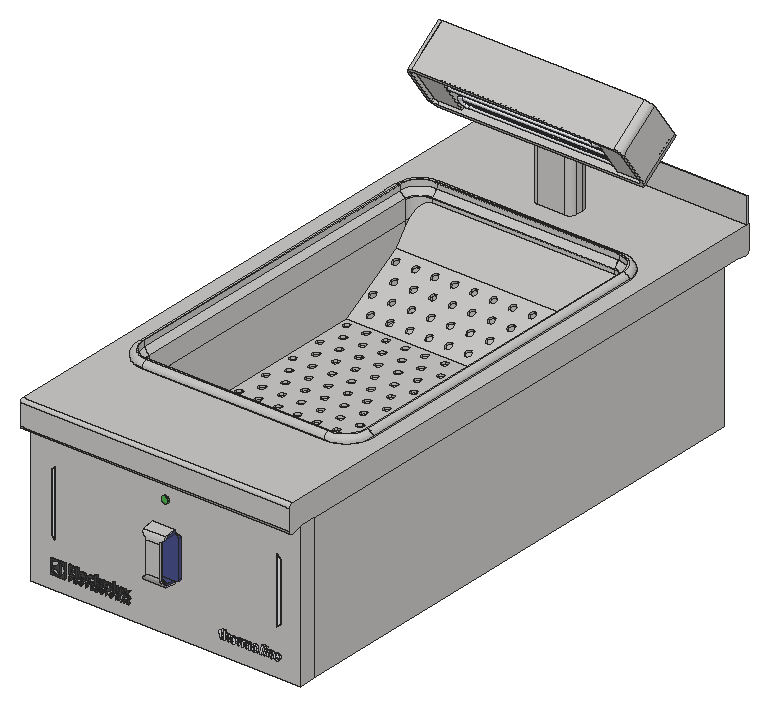
Revit family "QF_ELECTROLUXPROFESSIONAL_588556_MBYABBDOBO", category Attrezzature speciali, Revit 2020
Family settings
  Quota connettore circolare = Usa diametro
  Tipo di parte = Normale
  Basato su piano di lavoro = No
  Sempre verticale = Sì
  Taglio con vuoti quando caricato = No
  Condiviso = No
  Punto di calcolo locali = No
Parameters (values of type "Standard")
  Weight = 15.00 kg
  Watts = 1000 W
  Volts = 230 V
  URL Manufacturer = "https://www.electroluxprofessional.com/"
  URL = "https://www.electroluxprofessional.com/"
  Steam Supply Size = 0"
  Steam Supply Minimum Pressure = 0.00 psi
  Steam Supply Maximum Pressure = 0.00 psi
  Steam Consumption per Hour = 0
  Refrigeration Suction Line Size = 0 mm
  Refrigeration Liquid Line Size = 0 mm
  Refrigerant Compressor Remote = yes
  Prospetto di default = 0 mm
  Phase = 1
  Modello = "MBYABBDOBO"
  Produttore = "Electrolux Professional"
  Length Actual = 400 mm  # constant formula
  Item Number = "588556"
  Hot Water Size = 0"
  Height Actual = 250 mm  # constant formula
  HP = "1.3 HP"
  Gas Size = 0"
  Gas KW = 0
  Gas Input Pressure = 0.0 Btu/h
  Direct Waste Size = 0"
  Descrizione = "EL.CHIP SCUTTLE,1/1GN,1S,BS,400X850X250H"
  Depth Actual = 850 mm  # constant formula
  Cycle = 50 Hz
  Condensate Return Size = 0"
  Compressed Air Volume = 0 GPM
  Compressed Air Size = 0"
  Compressed Air Pressure = 0.00 psi
  Cold Water Size = 0"
  Accessory = yes
Reference planes
  plane 1 "BACK": y = 0
  plane 2: z = 0
  plane 3 "LEFT": x = 0
  plane 4 "RIGHT": x = 400
  plane 5 "FRONT": y = -850
  plane 6 "TOP": z = 900
  plane 7 "Center (Left/Right)": x = 200
  plane 8: y = -425
  plane 9: y = -150
  plane 10: y = -65
  plane 11: y = -790
  plane 12 "EIY": y = -635
  plane 13: z = 938
  plane 14 "BaseTop": z = 650
  plane 15: y = -805
  plane 16 "Camino": y = -50
  plane 17 "EIx": x = 355
  plane 18: z = 1104
  plane 19 "Fondo": z = 780.982
  plane 20 "Angle1": through (-6096, -207.82, 834.055) normal (0, -0.5, 0.866)
  plane 21 "Serpentine": through (0, -80.719, 1034.372) normal (0, -0.8192, -0.5736)
  plane 22 "Serpentine90": through (-6096, -138.06, 994.222) normal (0, 0.5736, -0.8192)
Forms (mm)
  Extrusion 1, solid, material "QF_Finishes_Stainless Steel"
    sketch origin (-178.969, -4572, 100) x (-1, 0, 0) y (0, -1, 0)
      loop
        line (-178.969, -4527) -> (-178.969, -3767) -> (-578.969, -3767) -> (-578.969, -4527) -> (-178.969, -4527)
    from 550 to 762.969
  Extrusion 2, solid, material "QF_Finishes_Stainless Steel"
    sketch origin (200, 296.4, 1219.2) x (0, 1, 0) y (0, 0, 1)
      loop
        line (-296.4, -319.2) -> (-1141.4, -319.2)
        arc (-1141.4, -319.2) -> (-1144.935, -320.664) -> (-1146.4, -324.2) r 5
        line (-1146.4, -324.2) -> (-1146.4, -355.2)
        arc (-1146.4, -355.2) -> (-1144.971, -358.264) -> (-1141.705, -359.139) r 4
        line (-1141.705, -359.139) -> (-1126.4, -356.231) -> (-316.4, -356.231) -> (-301.094, -359.139)
        arc (-301.094, -359.139) -> (-297.829, -358.264) -> (-296.4, -355.2) r 4
        line (-296.4, -355.2) -> (-296.4, -319.2)
    from -200 to 200
  Extrusion 3, void
    sketch origin (0, 0, 900) x (-1, 0, 0) y (0, -1, 0)
      loop
        line (-42.957, 190) -> (-42.957, 665)
        arc (-42.957, 665) -> (-49.413, 680.587) -> (-65, 687.043) r 22.043
        line (-65, 687.043) -> (-335, 687.043)
        arc (-335, 687.043) -> (-350.587, 680.587) -> (-357.043, 665) r 22.043
        line (-357.043, 665) -> (-357.043, 190)
        arc (-357.043, 190) -> (-350.587, 174.413) -> (-335, 167.957) r 22.043
        line (-335, 167.957) -> (-65, 167.957)
        arc (-65, 167.957) -> (-49.413, 174.413) -> (-42.957, 190) r 22.043
    from -8.746 to -162.454
  Extrusion 4, solid, material "QF_Finishes_Stainless Steel"
    sketch origin (200, 296.4, 1219.2) x (0, 1, 0) y (0, 0, 1)
      loop
        line (-296.4, -319.2) -> (-296.4, -281.2) -> (-298.4, -281.2) -> (-298.4, -319.2) -> (-296.4, -319.2)
    from 200 to -200
  Extrusion 5, solid, material "QF_Finishes_Stainless Steel"
    sketch origin (0, 0, 650) x (-1, 0, 0) y (0, -1, 0)
      loop
        circle (-355, 635) r 10.1
    from 0 to -10
  Sweep 6, solid, material "QF_Finishes_Stainless Steel"
    path origin (0, 0, 900) x (-1, 0, 0) y (0, -1, 0)
      loop
        line (-25, 190) -> (-25, 665)
        arc (-25, 665) -> (-36.716, 693.284) -> (-65, 705) r 40
        line (-65, 705) -> (-335, 705)
        arc (-335, 705) -> (-363.284, 693.284) -> (-375, 665) r 40
        line (-375, 665) -> (-375, 190)
        arc (-375, 190) -> (-363.284, 161.716) -> (-335, 150) r 40
        line (-335, 150) -> (-65, 150)
        arc (-65, 150) -> (-36.716, 161.716) -> (-25, 190) r 40
    profile origin (25, -427.5, 900) x (1, 0, 0) y (0, 0, 1)
      loop
        line (0, 0) -> (0, -8.282) -> (18.004, -8.282) -> (9.723, 0) -> (9.723, 8) -> (8, 8)
        arc (8, 8) -> (2.343, 5.657) -> (0, 0) r 8
  Extrusion 7, void
    sketch origin (0, 0, 900) x (-1, 0, 0) y (0, -1, 0)
      loop
        arc (-65, 167.957) -> (-49.413, 174.413) -> (-42.957, 190) r 22.043
        line (-42.957, 190) -> (-42.957, 665)
        arc (-42.957, 665) -> (-49.413, 680.587) -> (-65, 687.043) r 22.043
        line (-65, 687.043) -> (-335, 687.043)
        arc (-335, 687.043) -> (-350.587, 680.587) -> (-357.043, 665) r 22.043
        line (-357.043, 665) -> (-357.043, 190)
        arc (-357.043, 190) -> (-350.587, 174.413) -> (-335, 167.957) r 22.043
        line (-335, 167.957) -> (-65, 167.957)
    from 38.156 to -162.454
  Extrusion 8, void
    sketch origin (0, 0, 900) x (-1, 0, 0) y (0, -1, 0)
      loop
        arc (-65, 158) -> (-42.373, 167.373) -> (-33, 190) r 32
        line (-33, 190) -> (-33, 665)
        arc (-33, 665) -> (-42.373, 687.627) -> (-65, 697) r 32
        line (-65, 697) -> (-335, 697)
        arc (-335, 697) -> (-357.627, 687.627) -> (-367, 665) r 32
        line (-367, 665) -> (-367, 190)
        arc (-367, 190) -> (-357.627, 167.373) -> (-335, 158) r 32
        line (-335, 158) -> (-65, 158)
    from 0 to -8.282
  Extrusion 9, solid, material "QF_Finishes_Stainless Steel"
    sketch origin (200, 296.4, 1219.2) x (0, 1, 0) y (0, 0, 1)
      loop
        line (-983.443, -327.482) -> (-983.443, -330.73) -> (-939.573, -386.881) -> (-847.191, -440.218) -> (-595.608, -440.218) -> (-502.883, -386.683) -> (-464.357, -337.371) -> (-464.357, -334.123) -> (-504.22, -385.145) -> (-596.144, -438.218) -> (-846.656, -438.218) -> (-938.236, -385.343) -> (-983.443, -327.482)
    from -157.043 to 157.043
  Extrusion 10, void
    sketch origin (0, 0, 780.982) x (-1, 0, 0) y (0, -1, 0)
      loop
        circle (-69.5, 338.15) r 5
      loop
        circle (-98.5, 338.15) r 5
      loop
        circle (-127.5, 338.15) r 5
      loop
        circle (-156.5, 338.15) r 5
      loop
        circle (-185.5, 338.15) r 5
      loop
        circle (-214.5, 338.15) r 5
      loop
        circle (-243.5, 338.15) r 5
      loop
        circle (-272.5, 338.15) r 5
      loop
        circle (-301.5, 338.15) r 5
      loop
        circle (-330.5, 338.15) r 5
      loop
        circle (-55, 313.15) r 5
      loop
        circle (-84, 313.15) r 5
      loop
        circle (-113, 313.15) r 5
      loop
        circle (-142, 313.15) r 5
      loop
        circle (-171, 313.15) r 5
      loop
        circle (-200, 313.15) r 5
      loop
        circle (-229, 313.15) r 5
      loop
        circle (-258, 313.15) r 5
      loop
        circle (-287, 313.15) r 5
      loop
        circle (-316, 313.15) r 5
      loop
        circle (-69.5, 388.15) r 5
      loop
        circle (-98.5, 388.15) r 5
      loop
        circle (-127.5, 388.15) r 5
      loop
        circle (-156.5, 388.15) r 5
      loop
        circle (-185.5, 388.15) r 5
      loop
        circle (-214.5, 388.15) r 5
      loop
        circle (-243.5, 388.15) r 5
      loop
        circle (-272.5, 388.15) r 5
      loop
        circle (-301.5, 388.15) r 5
      loop
        circle (-330.5, 388.15) r 5
      loop
        circle (-55, 363.15) r 5
      loop
        circle (-84, 363.15) r 5
      loop
        circle (-113, 363.15) r 5
      loop
        circle (-142, 363.15) r 5
      loop
        circle (-171, 363.15) r 5
      loop
        circle (-200, 363.15) r 5
      loop
        circle (-229, 363.15) r 5
      loop
        circle (-258, 363.15) r 5
      loop
        circle (-287, 363.15) r 5
      loop
        circle (-316, 363.15) r 5
      loop
        circle (-69.5, 438.15) r 5
      loop
        circle (-98.5, 438.15) r 5
      loop
        circle (-127.5, 438.15) r 5
      loop
        circle (-156.5, 438.15) r 5
      loop
        circle (-185.5, 438.15) r 5
      loop
        circle (-214.5, 438.15) r 5
      loop
        circle (-243.5, 438.15) r 5
      loop
        circle (-272.5, 438.15) r 5
      loop
        circle (-301.5, 438.15) r 5
      loop
        circle (-330.5, 438.15) r 5
      loop
        circle (-55, 413.15) r 5
      loop
        circle (-84, 413.15) r 5
      loop
        circle (-113, 413.15) r 5
      loop
        circle (-142, 413.15) r 5
      loop
        circle (-171, 413.15) r 5
      loop
        circle (-200, 413.15) r 5
      loop
        circle (-229, 413.15) r 5
      loop
        circle (-258, 413.15) r 5
      loop
        circle (-287, 413.15) r 5
      loop
        circle (-316, 413.15) r 5
      loop
        circle (-69.5, 488.15) r 5
      loop
        circle (-98.5, 488.15) r 5
      loop
        circle (-127.5, 488.15) r 5
      loop
        circle (-156.5, 488.15) r 5
      loop
        circle (-185.5, 488.15) r 5
      loop
        circle (-214.5, 488.15) r 5
      loop
        circle (-243.5, 488.15) r 5
      loop
        circle (-272.5, 488.15) r 5
      loop
        circle (-301.5, 488.15) r 5
      loop
        circle (-330.5, 488.15) r 5
      loop
        circle (-55, 463.15) r 5
      loop
        circle (-84, 463.15) r 5
      loop
        circle (-113, 463.15) r 5
      loop
        circle (-142, 463.15) r 5
      loop
        circle (-171, 463.15) r 5
      loop
        circle (-200, 463.15) r 5
      loop
        circle (-229, 463.15) r 5
      loop
        circle (-258, 463.15) r 5
      loop
        circle (-287, 463.15) r 5
      loop
        circle (-316, 463.15) r 5
      loop
        circle (-69.5, 538.15) r 5
      loop
        circle (-98.5, 538.15) r 5
      loop
        circle (-127.5, 538.15) r 5
      loop
        circle (-156.5, 538.15) r 5
      loop
        circle (-185.5, 538.15) r 5
      loop
        circle (-214.5, 538.15) r 5
      loop
        circle (-243.5, 538.15) r 5
      loop
        circle (-272.5, 538.15) r 5
      loop
        circle (-301.5, 538.15) r 5
      loop
        circle (-330.5, 538.15) r 5
      loop
        circle (-55, 513.15) r 5
      loop
        circle (-84, 513.15) r 5
      loop
        circle (-113, 513.15) r 5
      loop
        circle (-142, 513.15) r 5
      loop
        circle (-171, 513.15) r 5
      loop
        circle (-200, 513.15) r 5
      loop
        circle (-229, 513.15) r 5
      loop
        circle (-258, 513.15) r 5
      loop
        circle (-287, 513.15) r 5
      loop
        circle (-316, 513.15) r 5
      loop
        circle (-345, 313.15) r 5
      loop
        circle (-345, 363.15) r 5
      loop
        circle (-345, 413.15) r 5
      loop
        circle (-345, 463.15) r 5
      loop
        circle (-345, 513.15) r 5
    from 5 to -5
  Extrusion 11, void
    sketch origin (0, 49.13, 982.405) x (-1, 0, 0) y (0, -0.866025, -0.5)
      loop
        circle (-69.5, 338.15) r 5
      loop
        circle (-98.5, 338.15) r 5
      loop
        circle (-127.5, 338.15) r 5
      loop
        circle (-156.5, 338.15) r 5
      loop
        circle (-185.5, 338.15) r 5
      loop
        circle (-214.5, 338.15) r 5
      loop
        circle (-243.5, 338.15) r 5
      loop
        circle (-272.5, 338.15) r 5
      loop
        circle (-301.5, 338.15) r 5
      loop
        circle (-330.5, 338.15) r 5
      loop
        circle (-55, 313.15) r 5
      loop
        circle (-84, 313.15) r 5
      loop
        circle (-113, 313.15) r 5
      loop
        circle (-142, 313.15) r 5
      loop
        circle (-171, 313.15) r 5
      loop
        circle (-200, 313.15) r 5
      loop
        circle (-229, 313.15) r 5
      loop
        circle (-258, 313.15) r 5
      loop
        circle (-287, 313.15) r 5
      loop
        circle (-316, 313.15) r 5
      loop
        circle (-69.5, 388.15) r 5
      loop
        circle (-98.5, 388.15) r 5
      loop
        circle (-127.5, 388.15) r 5
      loop
        circle (-156.5, 388.15) r 5
      loop
        circle (-185.5, 388.15) r 5
      loop
        circle (-214.5, 388.15) r 5
      loop
        circle (-243.5, 388.15) r 5
      loop
        circle (-272.5, 388.15) r 5
      loop
        circle (-301.5, 388.15) r 5
      loop
        circle (-330.5, 388.15) r 5
      loop
        circle (-55, 363.15) r 5
      loop
        circle (-84, 363.15) r 5
      loop
        circle (-113, 363.15) r 5
      loop
        circle (-142, 363.15) r 5
      loop
        circle (-171, 363.15) r 5
      loop
        circle (-200, 363.15) r 5
      loop
        circle (-229, 363.15) r 5
      loop
        circle (-258, 363.15) r 5
      loop
        circle (-287, 363.15) r 5
      loop
        circle (-316, 363.15) r 5
      loop
        circle (-345, 363.15) r 5
      loop
        circle (-345, 313.15) r 5
    from 5 to -5
  Extrusion 12, void
    sketch origin (0, -899.13, 982.405) x (-1, 0, 0) y (0, -0.866025, 0.5)
      loop
        circle (-69.5, -338.15) r 5
      loop
        circle (-98.5, -338.15) r 5
      loop
        circle (-127.5, -338.15) r 5
      loop
        circle (-156.5, -338.15) r 5
      loop
        circle (-185.5, -338.15) r 5
      loop
        circle (-214.5, -338.15) r 5
      loop
        circle (-243.5, -338.15) r 5
      loop
        circle (-272.5, -338.15) r 5
      loop
        circle (-301.5, -338.15) r 5
      loop
        circle (-330.5, -338.15) r 5
      loop
        circle (-55, -313.15) r 5
      loop
        circle (-84, -313.15) r 5
      loop
        circle (-113, -313.15) r 5
      loop
        circle (-142, -313.15) r 5
      loop
        circle (-171, -313.15) r 5
      loop
        circle (-200, -313.15) r 5
      loop
        circle (-229, -313.15) r 5
      loop
        circle (-258, -313.15) r 5
      loop
        circle (-287, -313.15) r 5
      loop
        circle (-316, -313.15) r 5
      loop
        circle (-69.5, -388.15) r 5
      loop
        circle (-98.5, -388.15) r 5
      loop
        circle (-127.5, -388.15) r 5
      loop
        circle (-156.5, -388.15) r 5
      loop
        circle (-185.5, -388.15) r 5
      loop
        circle (-214.5, -388.15) r 5
      loop
        circle (-243.5, -388.15) r 5
      loop
        circle (-272.5, -388.15) r 5
      loop
        circle (-301.5, -388.15) r 5
      loop
        circle (-330.5, -388.15) r 5
      loop
        circle (-55, -363.15) r 5
      loop
        circle (-84, -363.15) r 5
      loop
        circle (-113, -363.15) r 5
      loop
        circle (-142, -363.15) r 5
      loop
        circle (-171, -363.15) r 5
      loop
        circle (-200, -363.15) r 5
      loop
        circle (-229, -363.15) r 5
      loop
        circle (-258, -363.15) r 5
      loop
        circle (-287, -363.15) r 5
      loop
        circle (-316, -363.15) r 5
      loop
        circle (-345, -313.15) r 5
      loop
        circle (-345, -363.15) r 5
    from 5 to -5
  Extrusion 13, solid, material "QF_Finishes_Stainless Steel"
    sketch origin (0, 0, 900) x (-1, 0, 0) y (0, -1, 0)
      loop
        line (-220, 84.995) -> (-180, 84.995)
        arc (-180, 84.995) -> (-172.929, 87.924) -> (-170, 94.995) r 10
        line (-170, 94.995) -> (-170, 104.995)
        arc (-170, 104.995) -> (-172.929, 112.066) -> (-180, 114.995) r 10
        line (-180, 114.995) -> (-220, 114.995)
        arc (-220, 114.995) -> (-227.071, 112.066) -> (-230, 104.995) r 10
        line (-230, 104.995) -> (-230, 94.995)
        arc (-230, 94.995) -> (-227.071, 87.924) -> (-220, 84.995) r 10
    from 0 to 131.811
  Extrusion 14, solid, material "QF_Finishes_Stainless Steel"
    sketch origin (79.679, 596.52, 67.175) x (0, 0.573576, -0.819152) y (1, 0, 0)
      loop
        line (-1255.73, -39.679) -> (-1190.73, -39.679)
        arc (-1190.73, -39.679) -> (-1183.659, -36.75) -> (-1180.73, -29.679) r 10
        line (-1180.73, -29.679) -> (-1180.73, 270.321)
        arc (-1180.73, 270.321) -> (-1183.659, 277.392) -> (-1190.73, 280.321) r 10
        line (-1190.73, 280.321) -> (-1255.73, 280.321)
        arc (-1255.73, 280.321) -> (-1262.801, 277.392) -> (-1265.73, 270.321) r 10
        line (-1265.73, 270.321) -> (-1265.73, -29.679)
        arc (-1265.73, -29.679) -> (-1262.801, -36.75) -> (-1255.73, -39.679) r 10
      loop
        line (-1255.73, -35.679) -> (-1190.73, -35.679)
        arc (-1190.73, -35.679) -> (-1186.487, -33.922) -> (-1184.73, -29.679) r 6
        line (-1184.73, -29.679) -> (-1184.73, 270.321)
        arc (-1184.73, 270.321) -> (-1186.487, 274.563) -> (-1190.73, 276.321) r 6
        line (-1190.73, 276.321) -> (-1255.73, 276.321)
        arc (-1255.73, 276.321) -> (-1259.972, 274.563) -> (-1261.73, 270.321) r 6
        line (-1261.73, 270.321) -> (-1261.73, -29.679)
        arc (-1261.73, -29.679) -> (-1259.972, -33.922) -> (-1255.73, -35.679) r 6
    from 0 to 70
  Extrusion 15, solid, material "QF_Finishes_Stainless Steel"
    sketch origin (79.679, 596.52, 67.175) x (0, 0.573576, -0.819152) y (1, 0, 0)
      loop
        line (-1255.73, -35.679) -> (-1190.73, -35.679)
        arc (-1190.73, -35.679) -> (-1186.487, -33.922) -> (-1184.73, -29.679) r 6
        line (-1184.73, -29.679) -> (-1184.73, 4.321) -> (-1261.73, 4.321) -> (-1261.73, -29.679)
        arc (-1261.73, -29.679) -> (-1259.972, -33.922) -> (-1255.73, -35.679) r 6
      loop
        arc (-1255.73, 276.321) -> (-1259.972, 274.563) -> (-1261.73, 270.321) r 6
        line (-1261.73, 270.321) -> (-1261.73, 236.321) -> (-1184.73, 236.321) -> (-1184.73, 270.321)
        arc (-1184.73, 270.321) -> (-1186.487, 274.563) -> (-1190.73, 276.321) r 6
        line (-1190.73, 276.321) -> (-1255.73, 276.321)
    from 5.22 to 65
  Extrusion 16, void
    sketch origin (200, 296.4, 1219.2) x (0, 1, 0) y (0, 0, 1)
      loop
        line (-412.731, -209.764) -> (-380.777, -187.389) -> (-412.731, -187.389) -> (-412.731, -209.764)
    from -44.52 to 38.617
  Extrusion 17, solid, material "QF_Finishes_Stainless Steel"
    sketch origin (79.679, 596.52, 67.175) x (0, 0.573576, -0.819152) y (1, 0, 0)
      loop
        line (-1255.73, -39.679) -> (-1190.73, -39.679)
        arc (-1190.73, -39.679) -> (-1183.659, -36.75) -> (-1180.73, -29.679) r 10
        line (-1180.73, -29.679) -> (-1180.73, 270.321)
        arc (-1180.73, 270.321) -> (-1183.659, 277.392) -> (-1190.73, 280.321) r 10
        line (-1190.73, 280.321) -> (-1255.73, 280.321)
        arc (-1255.73, 280.321) -> (-1262.801, 277.392) -> (-1265.73, 270.321) r 10
        line (-1265.73, 270.321) -> (-1265.73, -29.679)
        arc (-1265.73, -29.679) -> (-1262.801, -36.75) -> (-1255.73, -39.679) r 10
      loop
        line (-1255.73, -35.679) -> (-1190.73, -35.679)
        arc (-1190.73, -35.679) -> (-1186.487, -33.922) -> (-1184.73, -29.679) r 6
        line (-1184.73, -29.679) -> (-1184.73, 270.321)
        arc (-1184.73, 270.321) -> (-1186.487, 274.563) -> (-1190.73, 276.321) r 6
        line (-1190.73, 276.321) -> (-1255.73, 276.321)
        arc (-1255.73, 276.321) -> (-1259.972, 274.563) -> (-1261.73, 270.321) r 6
        line (-1261.73, 270.321) -> (-1261.73, -29.679)
        arc (-1261.73, -29.679) -> (-1259.972, -33.922) -> (-1255.73, -35.679) r 6
    from 0 to 70
  Extrusion 18, solid, material "QF_Finishes_Stainless Steel"
    sketch origin (79.679, 596.52, 67.175) x (0, 0.573576, -0.819152) y (1, 0, 0)
      loop
        line (-1255.73, -35.679) -> (-1190.73, -35.679)
        arc (-1190.73, -35.679) -> (-1186.487, -33.922) -> (-1184.73, -29.679) r 6
        line (-1184.73, -29.679) -> (-1184.73, 270.321)
        arc (-1184.73, 270.321) -> (-1186.487, 274.563) -> (-1190.73, 276.321) r 6
        line (-1190.73, 276.321) -> (-1255.73, 276.321)
        arc (-1255.73, 276.321) -> (-1259.972, 274.563) -> (-1261.73, 270.321) r 6
        line (-1261.73, 270.321) -> (-1261.73, -29.679)
        arc (-1261.73, -29.679) -> (-1259.972, -33.922) -> (-1255.73, -35.679) r 6
    from 0 to 5.22
  Extrusion 19, solid, material "QF_Finishes_Stainless Steel"
    sketch origin (79.679, 596.52, 67.175) x (0, 0.573576, -0.819152) y (1, 0, 0)
      loop
        line (-1255.73, -39.679) -> (-1190.73, -39.679)
        arc (-1190.73, -39.679) -> (-1183.659, -36.75) -> (-1180.73, -29.679) r 10
        line (-1180.73, -29.679) -> (-1180.73, 270.321)
        arc (-1180.73, 270.321) -> (-1183.659, 277.392) -> (-1190.73, 280.321) r 10
        line (-1190.73, 280.321) -> (-1255.73, 280.321)
        arc (-1255.73, 280.321) -> (-1262.801, 277.392) -> (-1265.73, 270.321) r 10
        line (-1265.73, 270.321) -> (-1265.73, -29.679)
        arc (-1265.73, -29.679) -> (-1262.801, -36.75) -> (-1255.73, -39.679) r 10
      loop
        line (-1255.73, -35.679) -> (-1190.73, -35.679)
        arc (-1190.73, -35.679) -> (-1186.487, -33.922) -> (-1184.73, -29.679) r 6
        line (-1184.73, -29.679) -> (-1184.73, 270.321)
        arc (-1184.73, 270.321) -> (-1186.487, 274.563) -> (-1190.73, 276.321) r 6
        line (-1190.73, 276.321) -> (-1255.73, 276.321)
        arc (-1255.73, 276.321) -> (-1259.972, 274.563) -> (-1261.73, 270.321) r 6
        line (-1261.73, 270.321) -> (-1261.73, -29.679)
        arc (-1261.73, -29.679) -> (-1259.972, -33.922) -> (-1255.73, -35.679) r 6
    from 0 to 70
  Sweep 20, solid, material "QF_Finishes_White"
    path origin (445.068, 796.804, -218.86) x (0, 0.573576, -0.819152) y (1, 0, 0)
      loop
        line (-1582.037, -361.068) -> (-1582.037, -146.068)
        arc (-1582.037, -146.068) -> (-1592.037, -136.068) -> (-1602.037, -146.068) r 10
        line (-1602.037, -146.068) -> (-1602.037, -361.068)
    profile origin (191.5, -110.616, 1077.069) x (0, -0.573576, 0.819152) y (0, -0.819152, -0.573576)
      loop
        circle (0, 61.931) r 2.5
  Sweep 21, solid, material "QF_Finishes_White"
    path origin (-45.068, 813.392, -246.825) x (0, 0.573576, -0.819152) y (1, 0, 0)
      loop
        line (-1579.459, 361.068) -> (-1579.459, 146.068)
        arc (-1579.459, 146.068) -> (-1589.459, 136.068) -> (-1599.459, 146.068) r 10
        line (-1599.459, 146.068) -> (-1599.459, 361.068)
    profile origin (208.5, -92.548, 1046.992) x (0, 0.573576, -0.819152) y (0, -0.819152, -0.573576)
      loop
        circle (0, 59.479) r 2.5
  Extrusion 22, solid, material "QF_Finishes_Stainless Steel"
    sketch origin (200, 296.4, 1222.347) x (0, 1, 0) y (0, 0, 1)
      loop
        line (-417.574, -130.198) -> (-412.986, -136.751) -> (-409.605, -129.501) -> (-417.574, -130.198)
      loop
        line (-406.103, -146.581) -> (-401.514, -153.134) -> (-398.133, -145.884) -> (-406.103, -146.581)
    from -38 to 38
  Extrusion 23, solid, material "QF_Finishes_Stainless Steel"
    sketch origin (200, 296.4, 1222.347) x (0, 1, 0) y (0, 0, 1)
      loop
        line (-417.574, -130.198) -> (-412.986, -136.751) -> (-409.605, -129.501) -> (-417.574, -130.198)
      loop
        line (-406.103, -146.581) -> (-401.514, -153.134) -> (-398.133, -145.884) -> (-406.103, -146.581)
    from 46 to 122
  Extrusion 24, solid, material "QF_Finishes_Stainless Steel"
    sketch origin (200, 296.4, 1222.347) x (0, 1, 0) y (0, 0, -1)
      loop
        line (-417.574, 130.198) -> (-409.605, 129.501) -> (-412.986, 136.751) -> (-417.574, 130.198)
      loop
        line (-406.103, 146.581) -> (-398.133, 145.884) -> (-401.514, 153.134) -> (-406.103, 146.581)
    from 46 to 122
Cuts and joins
  Extrusion 3, Extrusion 7, Extrusion 8 cuts Extrusion 2
  Extrusion 7 cuts Extrusion 1
  Extrusion 7 cuts Sweep 6
  Extrusion 10, Extrusion 11, Extrusion 12 cuts Extrusion 9
  Extrusion 16 cuts Extrusion 13
Lines and regions (mm)
  symbolic lines
    curve 1: line (0, 0, 100) -> (400, 0, 100)
    curve 2: line (0, -850, 100) -> (0, 0, 100)
    curve 3: line (400, -850, 100) -> (0, -850, 100)
    curve 4: line (400, 0, 100) -> (400, -850, 100)
    curve 5: line (0, -2, 0) -> (400, -2, 0)
    curve 6: line (350, -80.719, 0) -> (50, -80.719, 0)
    curve 7: spline (50, -80.719, 0) -> (48.695, -80.768, 0) -> (47.412, -80.914, 0) -> (46.173, -81.156, 0) -> (45, -81.487, 0) -> (43.912, -81.904, 0) -> (42.929, -82.399, 0) -> (42.066, -82.963, 0) -> (41.34, -83.587, 0) -> (40.761, -84.26, 0) -> (40.341, -84.97, 0) -> (40.086, -85.706, 0) -> (40, -86.455, 0)
    curve 8: line (40, -86.455, 0) -> (40, -181.078, 0)
    curve 9: spline (40, -123.737, 0) -> (40.086, -124.486, 0) -> (40.341, -125.222, 0) -> (40.761, -125.932, 0) -> (41.34, -126.605, 0) -> (42.066, -127.229, 0) -> (42.929, -127.793, 0) -> (43.912, -128.288, 0) -> (45, -128.705, 0) -> (46.173, -129.036, 0) -> (47.412, -129.278, 0) -> (48.695, -129.424, 0) -> (50, -129.473, 0)
    curve 10: line (50, -129.473, 0) -> (350, -129.473, 0)
    curve 11: spline (350, -129.473, 0) -> (351.305, -129.424, 0) -> (352.588, -129.278, 0) -> (353.827, -129.036, 0) -> (355, -128.705, 0) -> (356.088, -128.288, 0) -> (357.071, -127.793, 0) -> (357.934, -127.229, 0) -> (358.66, -126.605, 0) -> (359.239, -125.932, 0) -> (359.659, -125.222, 0) -> (359.914, -124.486, 0) -> (360, -123.737, 0)
    curve 12: line (360, -181.078, 0) -> (360, -123.737, 0)
    curve 13: spline (360, -86.455, 0) -> (359.914, -85.706, 0) -> (359.659, -84.97, 0) -> (359.239, -84.26, 0) -> (358.66, -83.587, 0) -> (357.934, -82.963, 0) -> (357.071, -82.399, 0) -> (356.088, -81.904, 0) -> (355, -81.487, 0) -> (353.827, -81.156, 0) -> (352.588, -80.914, 0) -> (351.305, -80.768, 0) -> (350, -80.719, 0)
    curve 14: line (78, -121.175, 0) -> (154, -121.175, 0)
    curve 15: line (78, -101.733, 0) -> (78, -121.175, 0)
    curve 16: line (78, -113.205, 0) -> (154, -113.205, 0)
    curve 17: line (78, -109.703, 0) -> (154, -109.703, 0)
    curve 18: line (78, -101.733, 0) -> (154, -101.733, 0)
    curve 19: line (154, -121.175, 0) -> (154, -101.733, 0)
    curve 20: line (162, -101.733, 0) -> (162, -121.175, 0)
    curve 21: line (162, -113.205, 0) -> (238, -113.205, 0)
    curve 22: line (162, -109.703, 0) -> (238, -109.703, 0)
    curve 23: line (162, -101.733, 0) -> (238, -101.733, 0)
    curve 24: line (162, -121.175, 0) -> (238, -121.175, 0)
    curve 25: line (238, -121.175, 0) -> (238, -101.733, 0)
    curve 26: line (246, -101.733, 0) -> (246, -121.175, 0)
    curve 27: line (246, -109.703, 0) -> (322, -109.703, 0)
    curve 28: line (246, -101.733, 0) -> (322, -101.733, 0)
    curve 29: line (246, -121.175, 0) -> (322, -121.175, 0)
    curve 30: line (246, -113.205, 0) -> (322, -113.205, 0)
    curve 31: line (322, -121.175, 0) -> (322, -101.733, 0)
    curve 32: spline (50, -186.814, 0) -> (48.695, -186.765, 0) -> (47.412, -186.618, 0) -> (46.173, -186.377, 0) -> (45, -186.045, 0) -> (43.912, -185.628, 0) -> (42.929, -185.134, 0) -> (42.066, -184.57, 0) -> (41.34, -183.946, 0) -> (40.761, -183.273, 0) -> (40.341, -182.562, 0) -> (40.086, -181.827, 0) -> (40, -181.078, 0)
    curve 33: line (350, -186.814, 0) -> (50, -186.814, 0)
    curve 34: spline (360, -181.078, 0) -> (359.914, -181.827, 0) -> (359.659, -182.562, 0) -> (359.239, -183.273, 0) -> (358.66, -183.946, 0) -> (357.934, -184.57, 0) -> (357.071, -185.134, 0) -> (356.088, -185.628, 0) -> (355, -186.045, 0) -> (353.827, -186.377, 0) -> (352.588, -186.618, 0) -> (351.305, -186.765, 0) -> (350, -186.814, 0)
    curve 35: line (360, -181.078, 0) -> (360, -86.455, 0)
    curve 36: line (34.723, -665, 0) -> (34.723, -190, 0)
    curve 37: line (25, -190, 0) -> (25, -665, 0)
    curve 38: line (42.889, -190, 0) -> (42.889, -665.101, 0)
    curve 39: arc (42.889, -665.101, 0) -> (49.385, -680.784, 0) -> (65.067, -687.279, 0) r 22.178
    curve 40: arc (34.723, -665, 0) -> (43.591, -686.409, 0) -> (65, -695.277, 0) r 30.277
    curve 41: line (65.067, -687.279, 0) -> (335.11, -687.279, 0)
    curve 42: arc (335.11, -687.279, 0) -> (350.508, -680.901, 0) -> (356.886, -665.503, 0) r 21.776
    curve 43: arc (335, -695.277, 0) -> (356.409, -686.409, 0) -> (365.277, -665, 0) r 30.277
    curve 44: line (375, -665, 0) -> (375, -190, 0)
    curve 45: line (365.277, -190, 0) -> (365.277, -665, 0)
    curve 46: line (356.886, -191.314, 0) -> (356.886, -665.503, 0)
    curve 47: line (356.886, -641.837, 0) -> (42.889, -641.837, 0)
    curve 48: line (42.889, -550.256, 0) -> (356.886, -550.256, 0)
    curve 49: line (65, -695.277, 0) -> (335, -695.277, 0)
    curve 50: line (65, -705, 0) -> (335, -705, 0)
    curve 51: arc (25, -665, 0) -> (36.716, -693.284, 0) -> (65, -705, 0) r 40
    curve 52: arc (335, -705, 0) -> (363.284, -693.284, 0) -> (375, -665, 0) r 40
    curve 53: line (42.889, -299.744, 0) -> (356.886, -299.744, 0)
    curve 54: line (42.889, -207.82, 0) -> (356.886, -207.82, 0)
    curve 55: arc (365.277, -190, 0) -> (363.928, -181.062, 0) -> (360, -172.92, 0) r 30.277
    curve 56: arc (356.886, -191.314, 0) -> (356.675, -188.28, 0) -> (356.045, -185.305, 0) r 21.887
    curve 57: arc (375, -190, 0) -> (371.05, -172.891, 0) -> (360, -159.245, 0) r 39.028
    curve 58: arc (25, -190, 0) -> (28.95, -172.891, 0) -> (40, -159.245, 0) r 39.028
    curve 59: arc (40, -172.92, 0) -> (36.072, -181.062, 0) -> (34.723, -190, 0) r 30.277
    curve 60: arc (43.004, -190, 0) -> (43.125, -187.702, 0) -> (43.484, -185.429, 0) r 21.996
    curve 61: spline (50.066, -221.075, 0) -> (50.234, -222.196, 0) -> (50.727, -223.241, 0) -> (51.511, -224.138, 0) -> (52.533, -224.826, 0) -> (53.723, -225.259, 0) -> (55, -225.406, 0) -> (56.277, -225.259, 0) -> (57.467, -224.826, 0) -> (58.489, -224.138, 0) -> (59.273, -223.241, 0) -> (59.766, -222.196, 0) -> (59.934, -221.075, 0)
    curve 62: spline (50.066, -221.075, 0) -> (50.444, -220.164, 0) -> (51.048, -219.347, 0) -> (51.85, -218.665, 0) -> (52.809, -218.152, 0) -> (53.876, -217.834, 0) -> (55, -217.726, 0) -> (56.124, -217.834, 0) -> (57.191, -218.152, 0) -> (58.15, -218.665, 0) -> (58.952, -219.347, 0) -> (59.556, -220.164, 0) -> (59.934, -221.075, 0)
    curve 63: spline (79.022, -221.075, 0) -> (79.19, -222.196, 0) -> (79.683, -223.241, 0) -> (80.467, -224.138, 0) -> (81.489, -224.826, 0) -> (82.679, -225.259, 0) -> (83.956, -225.406, 0) -> (85.233, -225.259, 0) -> (86.423, -224.826, 0) -> (87.445, -224.138, 0) -> (88.229, -223.241, 0) -> (88.722, -222.196, 0) -> (88.89, -221.075, 0)
    curve 64: spline (79.022, -221.075, 0) -> (79.4, -220.164, 0) -> (80.004, -219.347, 0) -> (80.806, -218.665, 0) -> (81.765, -218.152, 0) -> (82.832, -217.834, 0) -> (83.956, -217.726, 0) -> (85.08, -217.834, 0) -> (86.147, -218.152, 0) -> (87.106, -218.665, 0) -> (87.908, -219.347, 0) -> (88.512, -220.164, 0) -> (88.89, -221.075, 0)
    curve 65: spline (108.022, -221.075, 0) -> (108.19, -222.196, 0) -> (108.683, -223.241, 0) -> (109.467, -224.138, 0) -> (110.489, -224.826, 0) -> (111.679, -225.259, 0) -> (112.956, -225.406, 0) -> (114.233, -225.259, 0) -> (115.423, -224.826, 0) -> (116.445, -224.138, 0) -> (117.229, -223.241, 0) -> (117.722, -222.196, 0) -> (117.89, -221.075, 0)
    curve 66: spline (108.022, -221.075, 0) -> (108.4, -220.164, 0) -> (109.004, -219.347, 0) -> (109.806, -218.665, 0) -> (110.765, -218.152, 0) -> (111.832, -217.834, 0) -> (112.956, -217.726, 0) -> (114.08, -217.834, 0) -> (115.147, -218.152, 0) -> (116.106, -218.665, 0) -> (116.908, -219.347, 0) -> (117.512, -220.164, 0) -> (117.89, -221.075, 0)
    curve 67: spline (137.022, -221.075, 0) -> (137.19, -222.196, 0) -> (137.683, -223.241, 0) -> (138.467, -224.138, 0) -> (139.489, -224.826, 0) -> (140.679, -225.259, 0) -> (141.956, -225.406, 0) -> (143.233, -225.259, 0) -> (144.423, -224.826, 0) -> (145.445, -224.138, 0) -> (146.229, -223.241, 0) -> (146.722, -222.196, 0) -> (146.89, -221.075, 0)
    curve 68: spline (137.022, -221.075, 0) -> (137.4, -220.164, 0) -> (138.004, -219.347, 0) -> (138.806, -218.665, 0) -> (139.765, -218.152, 0) -> (140.832, -217.834, 0) -> (141.956, -217.726, 0) -> (143.08, -217.834, 0) -> (144.147, -218.152, 0) -> (145.106, -218.665, 0) -> (145.908, -219.347, 0) -> (146.512, -220.164, 0) -> (146.89, -221.075, 0)
    curve 69: spline (166.022, -221.075, 0) -> (166.19, -222.196, 0) -> (166.683, -223.241, 0) -> (167.467, -224.138, 0) -> (168.489, -224.826, 0) -> (169.679, -225.259, 0) -> (170.956, -225.406, 0) -> (172.233, -225.259, 0) -> (173.423, -224.826, 0) -> (174.445, -224.138, 0) -> (175.229, -223.241, 0) -> (175.722, -222.196, 0) -> (175.89, -221.075, 0)
    curve 70: spline (166.022, -221.075, 0) -> (166.4, -220.164, 0) -> (167.004, -219.347, 0) -> (167.806, -218.665, 0) -> (168.765, -218.152, 0) -> (169.832, -217.834, 0) -> (170.956, -217.726, 0) -> (172.08, -217.834, 0) -> (173.147, -218.152, 0) -> (174.106, -218.665, 0) -> (174.908, -219.347, 0) -> (175.512, -220.164, 0) -> (175.89, -221.075, 0)
    curve 71: spline (195.022, -221.075, 0) -> (195.19, -222.196, 0) -> (195.683, -223.241, 0) -> (196.467, -224.138, 0) -> (197.489, -224.826, 0) -> (198.679, -225.259, 0) -> (199.956, -225.406, 0) -> (201.233, -225.259, 0) -> (202.423, -224.826, 0) -> (203.445, -224.138, 0) -> (204.229, -223.241, 0) -> (204.722, -222.196, 0) -> (204.89, -221.075, 0)
    curve 72: spline (195.022, -221.075, 0) -> (195.4, -220.164, 0) -> (196.004, -219.347, 0) -> (196.806, -218.665, 0) -> (197.765, -218.152, 0) -> (198.832, -217.834, 0) -> (199.956, -217.726, 0) -> (201.08, -217.834, 0) -> (202.147, -218.152, 0) -> (203.106, -218.665, 0) -> (203.908, -219.347, 0) -> (204.512, -220.164, 0) -> (204.89, -221.075, 0)
    curve 73: spline (349.934, -221.075, 0) -> (349.766, -222.196, 0) -> (349.273, -223.241, 0) -> (348.489, -224.138, 0) -> (347.467, -224.826, 0) -> (346.277, -225.259, 0) -> (345, -225.406, 0) -> (343.723, -225.259, 0) -> (342.533, -224.826, 0) -> (341.511, -224.138, 0) -> (340.727, -223.241, 0) -> (340.234, -222.196, 0) -> (340.066, -221.075, 0)
    curve 74: spline (349.934, -221.075, 0) -> (349.556, -220.164, 0) -> (348.952, -219.347, 0) -> (348.15, -218.665, 0) -> (347.191, -218.152, 0) -> (346.124, -217.834, 0) -> (345, -217.726, 0) -> (343.876, -217.834, 0) -> (342.809, -218.152, 0) -> (341.85, -218.665, 0) -> (341.048, -219.347, 0) -> (340.444, -220.164, 0) -> (340.066, -221.075, 0)
    curve 75: spline (320.978, -221.075, 0) -> (320.81, -222.196, 0) -> (320.317, -223.241, 0) -> (319.533, -224.138, 0) -> (318.511, -224.826, 0) -> (317.321, -225.259, 0) -> (316.044, -225.406, 0) -> (314.767, -225.259, 0) -> (313.577, -224.826, 0) -> (312.555, -224.138, 0) -> (311.771, -223.241, 0) -> (311.278, -222.196, 0) -> (311.11, -221.075, 0)
    curve 76: spline (320.978, -221.075, 0) -> (320.6, -220.164, 0) -> (319.996, -219.347, 0) -> (319.194, -218.665, 0) -> (318.235, -218.152, 0) -> (317.168, -217.834, 0) -> (316.044, -217.726, 0) -> (314.92, -217.834, 0) -> (313.853, -218.152, 0) -> (312.894, -218.665, 0) -> (312.092, -219.347, 0) -> (311.488, -220.164, 0) -> (311.11, -221.075, 0)
    curve 77: spline (291.978, -221.075, 0) -> (291.81, -222.196, 0) -> (291.317, -223.241, 0) -> (290.533, -224.138, 0) -> (289.511, -224.826, 0) -> (288.321, -225.259, 0) -> (287.044, -225.406, 0) -> (285.767, -225.259, 0) -> (284.577, -224.826, 0) -> (283.555, -224.138, 0) -> (282.771, -223.241, 0) -> (282.278, -222.196, 0) -> (282.11, -221.075, 0)
    curve 78: spline (291.978, -221.075, 0) -> (291.6, -220.164, 0) -> (290.996, -219.347, 0) -> (290.194, -218.665, 0) -> (289.235, -218.152, 0) -> (288.168, -217.834, 0) -> (287.044, -217.726, 0) -> (285.92, -217.834, 0) -> (284.853, -218.152, 0) -> (283.894, -218.665, 0) -> (283.092, -219.347, 0) -> (282.488, -220.164, 0) -> (282.11, -221.075, 0)
    curve 79: spline (262.978, -221.075, 0) -> (262.81, -222.196, 0) -> (262.317, -223.241, 0) -> (261.533, -224.138, 0) -> (260.511, -224.826, 0) -> (259.321, -225.259, 0) -> (258.044, -225.406, 0) -> (256.767, -225.259, 0) -> (255.577, -224.826, 0) -> (254.555, -224.138, 0) -> (253.771, -223.241, 0) -> (253.278, -222.196, 0) -> (253.11, -221.075, 0)
    curve 80: spline (262.978, -221.075, 0) -> (262.6, -220.164, 0) -> (261.996, -219.347, 0) -> (261.194, -218.665, 0) -> (260.235, -218.152, 0) -> (259.168, -217.834, 0) -> (258.044, -217.726, 0) -> (256.92, -217.834, 0) -> (255.853, -218.152, 0) -> (254.894, -218.665, 0) -> (254.092, -219.347, 0) -> (253.488, -220.164, 0) -> (253.11, -221.075, 0)
    curve 81: spline (233.978, -221.075, 0) -> (233.81, -222.196, 0) -> (233.317, -223.241, 0) -> (232.533, -224.138, 0) -> (231.511, -224.826, 0) -> (230.321, -225.259, 0) -> (229.044, -225.406, 0) -> (227.767, -225.259, 0) -> (226.577, -224.826, 0) -> (225.555, -224.138, 0) -> (224.771, -223.241, 0) -> (224.278, -222.196, 0) -> (224.11, -221.075, 0)
    curve 82: spline (233.978, -221.075, 0) -> (233.6, -220.164, 0) -> (232.996, -219.347, 0) -> (232.194, -218.665, 0) -> (231.235, -218.152, 0) -> (230.168, -217.834, 0) -> (229.044, -217.726, 0) -> (227.92, -217.834, 0) -> (226.853, -218.152, 0) -> (225.894, -218.665, 0) -> (225.092, -219.347, 0) -> (224.488, -220.164, 0) -> (224.11, -221.075, 0)
    curve 83: spline (64.566, -242.726, 0) -> (64.734, -243.847, 0) -> (65.227, -244.891, 0) -> (66.011, -245.788, 0) -> (67.033, -246.476, 0) -> (68.223, -246.909, 0) -> (69.5, -247.057, 0) -> (70.777, -246.909, 0) -> (71.967, -246.476, 0) -> (72.989, -245.788, 0) -> (73.773, -244.891, 0) -> (74.266, -243.847, 0) -> (74.434, -242.726, 0)
    curve 84: spline (64.566, -242.726, 0) -> (64.944, -241.814, 0) -> (65.548, -240.998, 0) -> (66.35, -240.316, 0) -> (67.309, -239.803, 0) -> (68.376, -239.485, 0) -> (69.5, -239.377, 0) -> (70.624, -239.485, 0) -> (71.691, -239.803, 0) -> (72.65, -240.316, 0) -> (73.452, -240.998, 0) -> (74.056, -241.814, 0) -> (74.434, -242.726, 0)
    curve 85: spline (93.566, -242.726, 0) -> (93.734, -243.847, 0) -> (94.227, -244.891, 0) -> (95.011, -245.788, 0) -> (96.033, -246.476, 0) -> (97.223, -246.909, 0) -> (98.5, -247.057, 0) -> (99.777, -246.909, 0) -> (100.967, -246.476, 0) -> (101.989, -245.788, 0) -> (102.773, -244.891, 0) -> (103.266, -243.847, 0) -> (103.434, -242.726, 0)
    curve 86: spline (93.566, -242.726, 0) -> (93.944, -241.814, 0) -> (94.548, -240.998, 0) -> (95.35, -240.316, 0) -> (96.309, -239.803, 0) -> (97.376, -239.485, 0) -> (98.5, -239.377, 0) -> (99.624, -239.485, 0) -> (100.691, -239.803, 0) -> (101.65, -240.316, 0) -> (102.452, -240.998, 0) -> (103.056, -241.814, 0) -> (103.434, -242.726, 0)
    curve 87: spline (122.566, -242.726, 0) -> (122.734, -243.847, 0) -> (123.227, -244.891, 0) -> (124.011, -245.788, 0) -> (125.033, -246.476, 0) -> (126.223, -246.909, 0) -> (127.5, -247.057, 0) -> (128.777, -246.909, 0) -> (129.967, -246.476, 0) -> (130.989, -245.788, 0) -> (131.773, -244.891, 0) -> (132.266, -243.847, 0) -> (132.434, -242.726, 0)
    curve 88: spline (122.566, -242.726, 0) -> (122.944, -241.814, 0) -> (123.548, -240.998, 0) -> (124.35, -240.316, 0) -> (125.309, -239.803, 0) -> (126.376, -239.485, 0) -> (127.5, -239.377, 0) -> (128.624, -239.485, 0) -> (129.691, -239.803, 0) -> (130.65, -240.316, 0) -> (131.452, -240.998, 0) -> (132.056, -241.814, 0) -> (132.434, -242.726, 0)
    curve 89: spline (151.566, -242.726, 0) -> (151.734, -243.847, 0) -> (152.227, -244.891, 0) -> (153.011, -245.788, 0) -> (154.033, -246.476, 0) -> (155.223, -246.909, 0) -> (156.5, -247.057, 0) -> (157.777, -246.909, 0) -> (158.967, -246.476, 0) -> (159.989, -245.788, 0) -> (160.773, -244.891, 0) -> (161.266, -243.847, 0) -> (161.434, -242.726, 0)
    curve 90: spline (151.566, -242.726, 0) -> (151.944, -241.814, 0) -> (152.548, -240.998, 0) -> (153.35, -240.316, 0) -> (154.309, -239.803, 0) -> (155.376, -239.485, 0) -> (156.5, -239.377, 0) -> (157.624, -239.485, 0) -> (158.691, -239.803, 0) -> (159.65, -240.316, 0) -> (160.452, -240.998, 0) -> (161.056, -241.814, 0) -> (161.434, -242.726, 0)
    curve 91: spline (180.566, -242.726, 0) -> (180.734, -243.847, 0) -> (181.227, -244.891, 0) -> (182.011, -245.788, 0) -> (183.033, -246.476, 0) -> (184.223, -246.909, 0) -> (185.5, -247.057, 0) -> (186.777, -246.909, 0) -> (187.967, -246.476, 0) -> (188.989, -245.788, 0) -> (189.773, -244.891, 0) -> (190.266, -243.847, 0) -> (190.434, -242.726, 0)
    curve 92: spline (180.566, -242.726, 0) -> (180.944, -241.814, 0) -> (181.548, -240.998, 0) -> (182.35, -240.316, 0) -> (183.309, -239.803, 0) -> (184.376, -239.485, 0) -> (185.5, -239.377, 0) -> (186.624, -239.485, 0) -> (187.691, -239.803, 0) -> (188.65, -240.316, 0) -> (189.452, -240.998, 0) -> (190.056, -241.814, 0) -> (190.434, -242.726, 0)
    curve 93: spline (335.434, -242.726, 0) -> (335.266, -243.847, 0) -> (334.773, -244.891, 0) -> (333.989, -245.788, 0) -> (332.967, -246.476, 0) -> (331.777, -246.909, 0) -> (330.5, -247.057, 0) -> (329.223, -246.909, 0) -> (328.033, -246.476, 0) -> (327.011, -245.788, 0) -> (326.227, -244.891, 0) -> (325.734, -243.847, 0) -> (325.566, -242.726, 0)
    curve 94: spline (335.434, -242.726, 0) -> (335.056, -241.814, 0) -> (334.452, -240.998, 0) -> (333.65, -240.316, 0) -> (332.691, -239.803, 0) -> (331.624, -239.485, 0) -> (330.5, -239.377, 0) -> (329.376, -239.485, 0) -> (328.309, -239.803, 0) -> (327.35, -240.316, 0) -> (326.548, -240.998, 0) -> (325.944, -241.814, 0) -> (325.566, -242.726, 0)
    curve 95: spline (306.434, -242.726, 0) -> (306.266, -243.847, 0) -> (305.773, -244.891, 0) -> (304.989, -245.788, 0) -> (303.967, -246.476, 0) -> (302.777, -246.909, 0) -> (301.5, -247.057, 0) -> (300.223, -246.909, 0) -> (299.033, -246.476, 0) -> (298.011, -245.788, 0) -> (297.227, -244.891, 0) -> (296.734, -243.847, 0) -> (296.566, -242.726, 0)
    curve 96: spline (306.434, -242.726, 0) -> (306.056, -241.814, 0) -> (305.452, -240.998, 0) -> (304.65, -240.316, 0) -> (303.691, -239.803, 0) -> (302.624, -239.485, 0) -> (301.5, -239.377, 0) -> (300.376, -239.485, 0) -> (299.309, -239.803, 0) -> (298.35, -240.316, 0) -> (297.548, -240.998, 0) -> (296.944, -241.814, 0) -> (296.566, -242.726, 0)
    curve 97: spline (277.434, -242.726, 0) -> (277.266, -243.847, 0) -> (276.773, -244.891, 0) -> (275.989, -245.788, 0) -> (274.967, -246.476, 0) -> (273.777, -246.909, 0) -> (272.5, -247.057, 0) -> (271.223, -246.909, 0) -> (270.033, -246.476, 0) -> (269.011, -245.788, 0) -> (268.227, -244.891, 0) -> (267.734, -243.847, 0) -> (267.566, -242.726, 0)
    curve 98: spline (277.434, -242.726, 0) -> (277.056, -241.814, 0) -> (276.452, -240.998, 0) -> (275.65, -240.316, 0) -> (274.691, -239.803, 0) -> (273.624, -239.485, 0) -> (272.5, -239.377, 0) -> (271.376, -239.485, 0) -> (270.309, -239.803, 0) -> (269.35, -240.316, 0) -> (268.548, -240.998, 0) -> (267.944, -241.814, 0) -> (267.566, -242.726, 0)
    curve 99: spline (248.434, -242.726, 0) -> (248.266, -243.847, 0) -> (247.773, -244.891, 0) -> (246.989, -245.788, 0) -> (245.967, -246.476, 0) -> (244.777, -246.909, 0) -> (243.5, -247.057, 0) -> (242.223, -246.909, 0) -> (241.033, -246.476, 0) -> (240.011, -245.788, 0) -> (239.227, -244.891, 0) -> (238.734, -243.847, 0) -> (238.566, -242.726, 0)
    curve 100: spline (248.434, -242.726, 0) -> (248.056, -241.814, 0) -> (247.452, -240.998, 0) -> (246.65, -240.316, 0) -> (245.691, -239.803, 0) -> (244.624, -239.485, 0) -> (243.5, -239.377, 0) -> (242.376, -239.485, 0) -> (241.309, -239.803, 0) -> (240.35, -240.316, 0) -> (239.548, -240.998, 0) -> (238.944, -241.814, 0) -> (238.566, -242.726, 0)
    curve 101: spline (219.434, -242.726, 0) -> (219.266, -243.847, 0) -> (218.773, -244.891, 0) -> (217.989, -245.788, 0) -> (216.967, -246.476, 0) -> (215.777, -246.909, 0) -> (214.5, -247.057, 0) -> (213.223, -246.909, 0) -> (212.033, -246.476, 0) -> (211.011, -245.788, 0) -> (210.227, -244.891, 0) -> (209.734, -243.847, 0) -> (209.566, -242.726, 0)
    curve 102: spline (219.434, -242.726, 0) -> (219.056, -241.814, 0) -> (218.452, -240.998, 0) -> (217.65, -240.316, 0) -> (216.691, -239.803, 0) -> (215.624, -239.485, 0) -> (214.5, -239.377, 0) -> (213.376, -239.485, 0) -> (212.309, -239.803, 0) -> (211.35, -240.316, 0) -> (210.548, -240.998, 0) -> (209.944, -241.814, 0) -> (209.566, -242.726, 0)
    curve 103: circle (55, -313.15, 0) r 5 normal (0, 0, 1)
    curve 104: circle (84, -313.15, 0) r 5 normal (0, 0, 1)
    curve 105: circle (113, -313.15, 0) r 5 normal (0, 0, 1)
    curve 106: circle (142, -313.15, 0) r 5 normal (0, 0, 1)
    curve 107: circle (171, -313.15, 0) r 5 normal (0, 0, 1)
    curve 108: circle (200, -313.15, 0) r 5 normal (0, 0, 1)
    curve 109: circle (345, -313.15, 0) r 5 normal (0, 0, -1)
    curve 110: circle (316, -313.15, 0) r 5 normal (0, 0, -1)
    curve 111: circle (287, -313.15, 0) r 5 normal (0, 0, -1)
    curve 112: circle (258, -313.15, 0) r 5 normal (0, 0, -1)
    curve 113: circle (229, -313.15, 0) r 5 normal (0, 0, -1)
    curve 114: circle (69.5, -338.15, 0) r 5 normal (0, 0, 1)
    curve 115: circle (98.5, -338.15, 0) r 5 normal (0, 0, 1)
    curve 116: circle (127.5, -338.15, 0) r 5 normal (0, 0, 1)
    curve 117: circle (156.5, -338.15, 0) r 5 normal (0, 0, 1)
    curve 118: circle (185.5, -338.15, 0) r 5 normal (0, 0, 1)
    curve 119: circle (330.5, -338.15, 0) r 5 normal (0, 0, -1)
    curve 120: circle (301.5, -338.15, 0) r 5 normal (0, 0, -1)
    curve 121: circle (272.5, -338.15, 0) r 5 normal (0, 0, -1)
    curve 122: circle (243.5, -338.15, 0) r 5 normal (0, 0, -1)
    curve 123: circle (214.5, -338.15, 0) r 5 normal (0, 0, -1)
    curve 124: spline (50.066, -221.075, 0) -> (50.234, -222.196, 0) -> (50.727, -223.241, 0) -> (51.511, -224.138, 0) -> (52.533, -224.826, 0) -> (53.723, -225.259, 0) -> (55, -225.406, 0) -> (56.277, -225.259, 0) -> (57.467, -224.826, 0) -> (58.489, -224.138, 0) -> (59.273, -223.241, 0) -> (59.766, -222.196, 0) -> (59.934, -221.075, 0)
    curve 125: spline (50.066, -221.075, 0) -> (50.444, -220.164, 0) -> (51.048, -219.347, 0) -> (51.85, -218.665, 0) -> (52.809, -218.152, 0) -> (53.876, -217.834, 0) -> (55, -217.726, 0) -> (56.124, -217.834, 0) -> (57.191, -218.152, 0) -> (58.15, -218.665, 0) -> (58.952, -219.347, 0) -> (59.556, -220.164, 0) -> (59.934, -221.075, 0)
    curve 126: spline (79.022, -221.075, 0) -> (79.19, -222.196, 0) -> (79.683, -223.241, 0) -> (80.467, -224.138, 0) -> (81.489, -224.826, 0) -> (82.679, -225.259, 0) -> (83.956, -225.406, 0) -> (85.233, -225.259, 0) -> (86.423, -224.826, 0) -> (87.445, -224.138, 0) -> (88.229, -223.241, 0) -> (88.722, -222.196, 0) -> (88.89, -221.075, 0)
    curve 127: spline (79.022, -221.075, 0) -> (79.4, -220.164, 0) -> (80.004, -219.347, 0) -> (80.806, -218.665, 0) -> (81.765, -218.152, 0) -> (82.832, -217.834, 0) -> (83.956, -217.726, 0) -> (85.08, -217.834, 0) -> (86.147, -218.152, 0) -> (87.106, -218.665, 0) -> (87.908, -219.347, 0) -> (88.512, -220.164, 0) -> (88.89, -221.075, 0)
    curve 128: spline (108.022, -221.075, 0) -> (108.19, -222.196, 0) -> (108.683, -223.241, 0) -> (109.467, -224.138, 0) -> (110.489, -224.826, 0) -> (111.679, -225.259, 0) -> (112.956, -225.406, 0) -> (114.233, -225.259, 0) -> (115.423, -224.826, 0) -> (116.445, -224.138, 0) -> (117.229, -223.241, 0) -> (117.722, -222.196, 0) -> (117.89, -221.075, 0)
    curve 129: spline (108.022, -221.075, 0) -> (108.4, -220.164, 0) -> (109.004, -219.347, 0) -> (109.806, -218.665, 0) -> (110.765, -218.152, 0) -> (111.832, -217.834, 0) -> (112.956, -217.726, 0) -> (114.08, -217.834, 0) -> (115.147, -218.152, 0) -> (116.106, -218.665, 0) -> (116.908, -219.347, 0) -> (117.512, -220.164, 0) -> (117.89, -221.075, 0)
    curve 130: spline (137.022, -221.075, 0) -> (137.19, -222.196, 0) -> (137.683, -223.241, 0) -> (138.467, -224.138, 0) -> (139.489, -224.826, 0) -> (140.679, -225.259, 0) -> (141.956, -225.406, 0) -> (143.233, -225.259, 0) -> (144.423, -224.826, 0) -> (145.445, -224.138, 0) -> (146.229, -223.241, 0) -> (146.722, -222.196, 0) -> (146.89, -221.075, 0)
    curve 131: spline (137.022, -221.075, 0) -> (137.4, -220.164, 0) -> (138.004, -219.347, 0) -> (138.806, -218.665, 0) -> (139.765, -218.152, 0) -> (140.832, -217.834, 0) -> (141.956, -217.726, 0) -> (143.08, -217.834, 0) -> (144.147, -218.152, 0) -> (145.106, -218.665, 0) -> (145.908, -219.347, 0) -> (146.512, -220.164, 0) -> (146.89, -221.075, 0)
    curve 132: spline (166.022, -221.075, 0) -> (166.19, -222.196, 0) -> (166.683, -223.241, 0) -> (167.467, -224.138, 0) -> (168.489, -224.826, 0) -> (169.679, -225.259, 0) -> (170.956, -225.406, 0) -> (172.233, -225.259, 0) -> (173.423, -224.826, 0) -> (174.445, -224.138, 0) -> (175.229, -223.241, 0) -> (175.722, -222.196, 0) -> (175.89, -221.075, 0)
    curve 133: spline (166.022, -221.075, 0) -> (166.4, -220.164, 0) -> (167.004, -219.347, 0) -> (167.806, -218.665, 0) -> (168.765, -218.152, 0) -> (169.832, -217.834, 0) -> (170.956, -217.726, 0) -> (172.08, -217.834, 0) -> (173.147, -218.152, 0) -> (174.106, -218.665, 0) -> (174.908, -219.347, 0) -> (175.512, -220.164, 0) -> (175.89, -221.075, 0)
    curve 134: spline (195.022, -221.075, 0) -> (195.19, -222.196, 0) -> (195.683, -223.241, 0) -> (196.467, -224.138, 0) -> (197.489, -224.826, 0) -> (198.679, -225.259, 0) -> (199.956, -225.406, 0) -> (201.233, -225.259, 0) -> (202.423, -224.826, 0) -> (203.445, -224.138, 0) -> (204.229, -223.241, 0) -> (204.722, -222.196, 0) -> (204.89, -221.075, 0)
    curve 135: spline (195.022, -221.075, 0) -> (195.4, -220.164, 0) -> (196.004, -219.347, 0) -> (196.806, -218.665, 0) -> (197.765, -218.152, 0) -> (198.832, -217.834, 0) -> (199.956, -217.726, 0) -> (201.08, -217.834, 0) -> (202.147, -218.152, 0) -> (203.106, -218.665, 0) -> (203.908, -219.347, 0) -> (204.512, -220.164, 0) -> (204.89, -221.075, 0)
    curve 136: spline (349.934, -221.075, 0) -> (349.766, -222.196, 0) -> (349.273, -223.241, 0) -> (348.489, -224.138, 0) -> (347.467, -224.826, 0) -> (346.277, -225.259, 0) -> (345, -225.406, 0) -> (343.723, -225.259, 0) -> (342.533, -224.826, 0) -> (341.511, -224.138, 0) -> (340.727, -223.241, 0) -> (340.234, -222.196, 0) -> (340.066, -221.075, 0)
    curve 137: spline (349.934, -221.075, 0) -> (349.556, -220.164, 0) -> (348.952, -219.347, 0) -> (348.15, -218.665, 0) -> (347.191, -218.152, 0) -> (346.124, -217.834, 0) -> (345, -217.726, 0) -> (343.876, -217.834, 0) -> (342.809, -218.152, 0) -> (341.85, -218.665, 0) -> (341.048, -219.347, 0) -> (340.444, -220.164, 0) -> (340.066, -221.075, 0)
    curve 138: spline (320.978, -221.075, 0) -> (320.81, -222.196, 0) -> (320.317, -223.241, 0) -> (319.533, -224.138, 0) -> (318.511, -224.826, 0) -> (317.321, -225.259, 0) -> (316.044, -225.406, 0) -> (314.767, -225.259, 0) -> (313.577, -224.826, 0) -> (312.555, -224.138, 0) -> (311.771, -223.241, 0) -> (311.278, -222.196, 0) -> (311.11, -221.075, 0)
    curve 139: spline (320.978, -221.075, 0) -> (320.6, -220.164, 0) -> (319.996, -219.347, 0) -> (319.194, -218.665, 0) -> (318.235, -218.152, 0) -> (317.168, -217.834, 0) -> (316.044, -217.726, 0) -> (314.92, -217.834, 0) -> (313.853, -218.152, 0) -> (312.894, -218.665, 0) -> (312.092, -219.347, 0) -> (311.488, -220.164, 0) -> (311.11, -221.075, 0)
    curve 140: spline (291.978, -221.075, 0) -> (291.81, -222.196, 0) -> (291.317, -223.241, 0) -> (290.533, -224.138, 0) -> (289.511, -224.826, 0) -> (288.321, -225.259, 0) -> (287.044, -225.406, 0) -> (285.767, -225.259, 0) -> (284.577, -224.826, 0) -> (283.555, -224.138, 0) -> (282.771, -223.241, 0) -> (282.278, -222.196, 0) -> (282.11, -221.075, 0)
    curve 141: spline (291.978, -221.075, 0) -> (291.6, -220.164, 0) -> (290.996, -219.347, 0) -> (290.194, -218.665, 0) -> (289.235, -218.152, 0) -> (288.168, -217.834, 0) -> (287.044, -217.726, 0) -> (285.92, -217.834, 0) -> (284.853, -218.152, 0) -> (283.894, -218.665, 0) -> (283.092, -219.347, 0) -> (282.488, -220.164, 0) -> (282.11, -221.075, 0)
    curve 142: spline (262.978, -221.075, 0) -> (262.81, -222.196, 0) -> (262.317, -223.241, 0) -> (261.533, -224.138, 0) -> (260.511, -224.826, 0) -> (259.321, -225.259, 0) -> (258.044, -225.406, 0) -> (256.767, -225.259, 0) -> (255.577, -224.826, 0) -> (254.555, -224.138, 0) -> (253.771, -223.241, 0) -> (253.278, -222.196, 0) -> (253.11, -221.075, 0)
    curve 143: spline (262.978, -221.075, 0) -> (262.6, -220.164, 0) -> (261.996, -219.347, 0) -> (261.194, -218.665, 0) -> (260.235, -218.152, 0) -> (259.168, -217.834, 0) -> (258.044, -217.726, 0) -> (256.92, -217.834, 0) -> (255.853, -218.152, 0) -> (254.894, -218.665, 0) -> (254.092, -219.347, 0) -> (253.488, -220.164, 0) -> (253.11, -221.075, 0)
    curve 144: spline (233.978, -221.075, 0) -> (233.81, -222.196, 0) -> (233.317, -223.241, 0) -> (232.533, -224.138, 0) -> (231.511, -224.826, 0) -> (230.321, -225.259, 0) -> (229.044, -225.406, 0) -> (227.767, -225.259, 0) -> (226.577, -224.826, 0) -> (225.555, -224.138, 0) -> (224.771, -223.241, 0) -> (224.278, -222.196, 0) -> (224.11, -221.075, 0)
    curve 145: spline (233.978, -221.075, 0) -> (233.6, -220.164, 0) -> (232.996, -219.347, 0) -> (232.194, -218.665, 0) -> (231.235, -218.152, 0) -> (230.168, -217.834, 0) -> (229.044, -217.726, 0) -> (227.92, -217.834, 0) -> (226.853, -218.152, 0) -> (225.894, -218.665, 0) -> (225.092, -219.347, 0) -> (224.488, -220.164, 0) -> (224.11, -221.075, 0)
    curve 146: spline (64.566, -242.726, 0) -> (64.734, -243.847, 0) -> (65.227, -244.891, 0) -> (66.011, -245.788, 0) -> (67.033, -246.476, 0) -> (68.223, -246.909, 0) -> (69.5, -247.057, 0) -> (70.777, -246.909, 0) -> (71.967, -246.476, 0) -> (72.989, -245.788, 0) -> (73.773, -244.891, 0) -> (74.266, -243.847, 0) -> (74.434, -242.726, 0)
    curve 147: spline (64.566, -242.726, 0) -> (64.944, -241.814, 0) -> (65.548, -240.998, 0) -> (66.35, -240.316, 0) -> (67.309, -239.803, 0) -> (68.376, -239.485, 0) -> (69.5, -239.377, 0) -> (70.624, -239.485, 0) -> (71.691, -239.803, 0) -> (72.65, -240.316, 0) -> (73.452, -240.998, 0) -> (74.056, -241.814, 0) -> (74.434, -242.726, 0)
    curve 148: spline (93.566, -242.726, 0) -> (93.734, -243.847, 0) -> (94.227, -244.891, 0) -> (95.011, -245.788, 0) -> (96.033, -246.476, 0) -> (97.223, -246.909, 0) -> (98.5, -247.057, 0) -> (99.777, -246.909, 0) -> (100.967, -246.476, 0) -> (101.989, -245.788, 0) -> (102.773, -244.891, 0) -> (103.266, -243.847, 0) -> (103.434, -242.726, 0)
    curve 149: spline (93.566, -242.726, 0) -> (93.944, -241.814, 0) -> (94.548, -240.998, 0) -> (95.35, -240.316, 0) -> (96.309, -239.803, 0) -> (97.376, -239.485, 0) -> (98.5, -239.377, 0) -> (99.624, -239.485, 0) -> (100.691, -239.803, 0) -> (101.65, -240.316, 0) -> (102.452, -240.998, 0) -> (103.056, -241.814, 0) -> (103.434, -242.726, 0)
    curve 150: spline (122.566, -242.726, 0) -> (122.734, -243.847, 0) -> (123.227, -244.891, 0) -> (124.011, -245.788, 0) -> (125.033, -246.476, 0) -> (126.223, -246.909, 0) -> (127.5, -247.057, 0) -> (128.777, -246.909, 0) -> (129.967, -246.476, 0) -> (130.989, -245.788, 0) -> (131.773, -244.891, 0) -> (132.266, -243.847, 0) -> (132.434, -242.726, 0)
    curve 151: spline (122.566, -242.726, 0) -> (122.944, -241.814, 0) -> (123.548, -240.998, 0) -> (124.35, -240.316, 0) -> (125.309, -239.803, 0) -> (126.376, -239.485, 0) -> (127.5, -239.377, 0) -> (128.624, -239.485, 0) -> (129.691, -239.803, 0) -> (130.65, -240.316, 0) -> (131.452, -240.998, 0) -> (132.056, -241.814, 0) -> (132.434, -242.726, 0)
